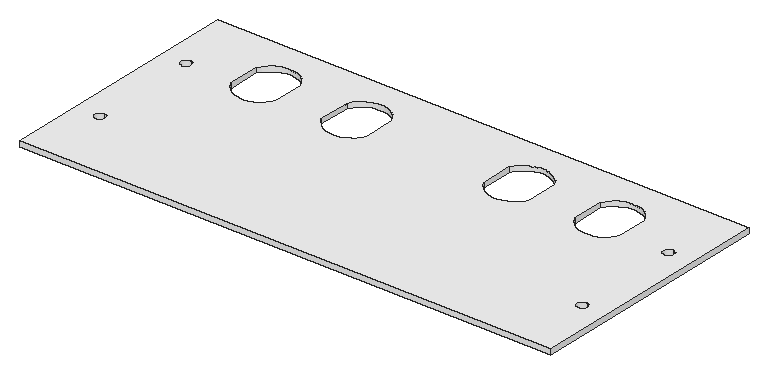
Revit family "Specialty_Equipment-Metal_Raceway-Hubbell_Wiring-4_Gang_Two_Duplex_Two_Blank-HBL47472BBXX", category Specialty Equipment, host Face, Revit 2015
Parameters (values of type "HBL47472BBXXIV - Ivory")
  URL = "http://www.hubbell-wiring.com/"
  Product data url = "https://bimobject.com/hubbellwiring/product/hubbell-metal-raceway-hbl4750"
  Product Page URL = "http://ecatalog.hubbell-wiring.com/ProductInformation/ViewCatalog.aspx?Dest=hubbell-wiring.com/press/catalog/o.pdf&Page=21"
  Product Documentation Link = "http://www.hubbell-wiring.com/press/pdfs/h5233r08.pdf"
  Model = "HBL47472BBXXIV"
  Manufacturer = "Hubbell-Wiring"  # constant formula
  Host Note = "Add in Plan View; Host to Wall"  # constant formula
  Description = "4-Gang Cover, Two Duplex Openings, Two Blank"  # constant formula
  Default Elevation = 0' - 0"
  Cable Tray Material = Metal-Hubbell-Ivory Powder Coat
  Assembly Code = "D5090900"
Types (3): name | Model | Cable Tray Material
  (no name) | "HBL47472BBXXIV" | Metal-Hubbell-Ivory Powder Coat
  HBL47472BBXXGY - Gray | "HBL47472BBXXGY" | Metal-Hubbell-Gray Powder Coat
  HBL47472BBXXIV - Ivory | "HBL47472BBXXIV" | Metal-Hubbell-Ivory Powder Coat
Reference planes (in)
  plane 1 "Center (Front/Back)": y = 0
  plane 2: z = 0
  plane 3 "Left": x = 0
  plane 4 "Right": x = 10.21888
  plane 5: y = 2.375
  plane 6: y = -2.375
  plane 7: z = 1.61719
  plane 8: z = 1.70703
  plane 9 "Align Left": x = 0.18016
  plane 10 "Align Right": x = 10.03872
  plane 11: x = 5.11
Forms (in)
  Extrusion 1, solid, material "Metal-Hubbell-Ivory Powder Coat" <- "Cable Tray Material"
    sketch origin (0, 0, 0) x (1, 0, 0) y (0, 1, 0)
      loop
        line (10.21888, 2.375) -> (0, 2.375) -> (0, -2.375) -> (10.21888, -2.375) -> (10.21888, 2.375)
      loop
        circle (0.46594, 1.03647) r 0.1
      loop
        circle (0.46594, -1.03953) r 0.1
      loop
        circle (9.75403, -1.03953) r 0.1
      loop
        circle (9.75403, 1.03953) r 0.1
      loop
        line (1.35761, 1.59112) -> (1.35761, 0.985)
        arc (1.35761, 0.985) -> (1.79602, 0.70233) -> (2.23443, 0.985) r 0.48132
        line (2.23443, 0.985) -> (2.23443, 1.59112)
        arc (2.23443, 1.59112) -> (1.79602, 1.87378) -> (1.35761, 1.59112) r 0.48132
      loop
        line (3.10761, 1.59112) -> (3.10761, 0.985)
        arc (3.10761, 0.985) -> (3.54602, 0.70233) -> (3.98443, 0.985) r 0.48132
        line (3.98443, 0.985) -> (3.98443, 1.59112)
        arc (3.98443, 1.59112) -> (3.54602, 1.87378) -> (3.10761, 1.59112) r 0.48132
      loop
        arc (8.86239, 1.59112) -> (8.42398, 1.87378) -> (7.98557, 1.59112) r 0.48132
        line (7.98557, 1.59112) -> (7.98557, 0.985)
        arc (7.98557, 0.985) -> (8.42398, 0.70233) -> (8.86239, 0.985) r 0.48132
        line (8.86239, 0.985) -> (8.86239, 1.59112)
      loop
        arc (7.11239, 1.59112) -> (6.67398, 1.87378) -> (6.23557, 1.59112) r 0.48132
        line (6.23557, 1.59112) -> (6.23557, 0.985)
        arc (6.23557, 0.985) -> (6.67398, 0.70233) -> (7.11239, 0.985) r 0.48132
        line (7.11239, 0.985) -> (7.11239, 1.59112)
    from 1.61719 to 1.70703
Lines and regions (in)
  Masking region 1
    outline origin (0, 0, 0) x (1, 0, 0) y (0, 0, 1)
      loop
        line (0, 1.70703) -> (0, 1.61719) -> (10.21888, 1.61719) -> (10.21888, 1.70703) -> (0, 1.70703)
  model lines, style "GEOM", not visible
    curve 1: circle (48.69025, 2.52981, 0) r 0.1 normal (0, 0, 1)
    curve 2: circle (39.40325, 2.52981, 0) r 0.1 normal (0, 0, 1)
    curve 3: circle (48.69025, 4.60581, 0) r 0.1 normal (0, 0, 1)
    curve 4: circle (39.40325, 4.60581, 0) r 0.1 normal (0, 0, 1)
    curve 5: line (38.93731, 1.18781, 0) -> (49.15619, 1.18781, 0)
    curve 6: line (49.15619, 1.18781, 0) -> (49.15619, 5.94781, 0)
    curve 7: line (49.15619, 5.94781, 0) -> (38.93731, 5.94781, 0)
    curve 8: line (38.93731, 5.94781, 0) -> (38.93731, 1.18781, 0)
Dimensions and locks (in)
  locked: plane 3 "Left" to plane 4 "Right" at 10.21888
  plane 5 to plane 1 "Center (Front/Back)" to plane 6 = 0' - 2 3/8" locked, 0' - 2 3/8" locked
  plane 8 to plane 7 to host face = 0' - 0 23/256" locked, 0' - 1 79/128" locked
  locked: plane 10 "Align Right" to plane 4 "Right" at 0.18016
  locked: plane 3 "Left" to plane 9 "Align Left" at 0.18016
  aligned and locked: host face to plane 2
  aligned and locked: level to host face
  aligned and locked: Extrusion 1 to plane 3 "Left"
  aligned and locked: plane 4 "Right" to Extrusion 1
  aligned and locked: Extrusion 1 to plane 5
  aligned and locked: Extrusion 1 to plane 6
  aligned and locked: Extrusion 1 to plane 7
  aligned and locked: plane 8 to Extrusion 1
  aligned and locked: Masking region 1 sketch curve to plane 4 "Right"
  aligned and locked: plane 8 to Masking region 1
  aligned and locked: Masking region 1 to plane 7
  aligned and locked: Masking region 1 to plane 3 "Left"
